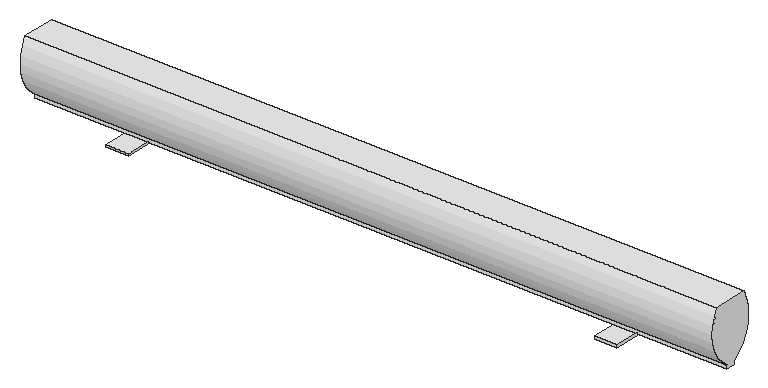
Revit family "Lighting-Linear-Acclaim-Adapt-Linear-DMX", category Lighting Fixtures, host Face, Revit 2020
Family settings
  Host = Face
  Round Connector Dimension = Use Diameter
  Part Type = Normal
  Cut with Voids When Loaded = No
  Light Source = Yes
  Shared = No
  Room Calculation Point = No
Parameters
  Width = 1.97"
  Wattage = 9.2903 W
  built-in parameter 1150110 = 1 (stored number, unit not read)
  Voltage = 0 V
  URL = "http://www.acclaimlighting.com/"
  built-in parameter 1114217 = 1 (stored number, unit not read)
  Tilt Angle = -90.00°
  built-in parameter 1150109 = 1 (stored number, unit not read)
  built-in parameter 1150134 = 3
  built-in parameter 1150113 = 1 (stored number, unit not read)
  Power Factor = 1
  Photometric Web File = "Load File"
  Number of Poles = 1
  built-in parameter 1150142 = (empty or 0)
  Model = "Adapt Linear DMX"
  Manufacturer = "Acclaim Lighting"
  built-in parameter 1150105 = 109.82 (stored number, unit not read)
  Lumens = 1380 lm
  built-in parameter 1150115 = 1 (stored number, unit not read)
  built-in parameter 1150137 = (empty or 0)
  built-in parameter 1150139 = (empty or 0)
  Length = 24.00"
  built-in parameter 1150112 = 1 (stored number, unit not read)
  built-in parameter 1150114 = 1 (stored number, unit not read)
  Lamp = "LED"
  built-in parameter 1150132 = (empty or 0)
  built-in parameter 1150102 = (empty or 0)
  built-in parameter 1150107 = 3200 (stored number, unit not read)
  built-in parameter 1150138 = (empty or 0)
  built-in parameter 1150106 = 1.0982 (stored number, unit not read)
  Housing Finish = Aluminum
  Height = 2.17"
  Emit from Line Length = Length  # 24.00"
  built-in parameter 1150104 = 13.8 (stored number, unit not read)
  Dimming Lamp Color Temperature Shift = <None>
  Description = "Linear LED"
  Default Elevation = 48.00"
  Color Filter = 16777215
  built-in parameter 1114218 = 1 (stored number, unit not read)
  built-in parameter 1150133 = 10 (stored number, unit not read)
  Apparent Load = 0 VA
Reference planes (in)
  plane 1 "Center (Front/Back)": y = 0
  plane 2: z = 0
  plane 3 "Center (Left/Right)": x = 0
  plane 4: x = -2.86874
  plane 5: x = -2.08749
  plane 6: x = 2.06876
  plane 7: x = 2.85001
  plane 8: z = 2.17
  plane 9: y = 0.985
  plane 10: y = -0.985
  plane 11: x = -12
  plane 12: x = 12
  plane 13: y = 0.78371
  plane 14: y = -0.78371
Forms (in)
  Extrusion 1, solid, material "Aluminum"
    sketch origin (0, 0, 0) x (1, 0, 0) y (0, 1, 0)
      loop
        line (-8.86874, 0.985) -> (-8.86874, -0.985) -> (-8.08749, -0.985) -> (-8.08749, 0.985) -> (-8.86874, 0.985)
    from 0 to 0.07895
  Extrusion 2, solid, material "Aluminum"
    sketch origin (0, 0, 0) x (-1, 0, 0) y (0, -1, 0)
      loop
        line (-8.86874, -0.985) -> (-8.08749, -0.985) -> (-8.08749, 0.985) -> (-8.86874, 0.985) -> (-8.86874, -0.985)
    from 0 to 0.07895
  Extrusion 3, solid, material "Aluminum"
    sketch origin (0, 0, 0) x (0, 1, 0) y (0, 0, 1)
      loop
        arc (0.1542, 0.19431) -> (0.74932, 1.10029) -> (0.57415, 2.17) r 1.49202
        line (0.57415, 2.17) -> (-0.57415, 2.17)
        arc (-0.57415, 2.17) -> (-0.74925, 1.09997) -> (-0.15367, 0.19393) r 1.49202
        line (-0.15367, 0.19393) -> (-0.15367, 0.07895) -> (0.1542, 0.07895) -> (0.1542, 0.19431)
    from -12 to 12
Dimensions and locks (in)
  equal spacing: plane 9, plane 1 "Center (Front/Back)", plane 10
  "Width": plane 9 to plane 10
  equal spacing: plane 11, plane 3 "Center (Left/Right)", plane 12
  "Length": plane 11 to plane 12
  "Height": plane 8 to host face
  Extrusion 2 to Extrusion 2 to plane 12 = 0.78125" locked, 3.13126" locked
  plane 11 to Extrusion 1 to Extrusion 1 = 3.13126" locked, 0.78125" locked
  equal spacing: plane 13, plane 1 "Center (Front/Back)", plane 14
  plane 13 to plane 14 = 1.56742"
  aligned and locked: plane 2 to host face
  aligned and locked: level to host face
  aligned and locked: plane 12 to Extrusion 3
  aligned and locked: Extrusion 3 to plane 11
Automatic sketch dimensions
  host sketch curve to host sketch curve = 96.00"  (x2)
  Extrusion 1 sketch curve to plane 4 = 6.00"
  Extrusion 1 sketch curve to plane 5 = 6.00"
  plane 10 to Extrusion 1 sketch curve = 0.00"
  plane 9 to Extrusion 1 sketch curve = 0.00"
  plane 10 to Extrusion 2 sketch curve = 0.00"
  plane 9 to Extrusion 2 sketch curve = 0.00"
  Extrusion 2 sketch curve to plane 7 = 6.01874"
  Extrusion 2 sketch curve to plane 6 = 6.01874"
  Extrusion 3 sketch curve to plane 8 = 0.00"
  Extrusion 3 sketch curve to plane 14 = 0.07361"
  Extrusion 3 sketch curve to plane 14 = 0.20956"
  plane 1 "Center (Front/Back)" to Extrusion 3 sketch curve = 0.15367"
  Extrusion 3 sketch curve to plane 1 "Center (Front/Back)" = 0.1542"
  plane 13 to Extrusion 3 sketch curve = 0.20956"
  plane 13 to Extrusion 3 sketch curve = 0.07361"
  level to Extrusion 3 sketch curve = 0.07895"
  Extrusion 3 sketch curve to Extrusion 3 sketch curve = 0.11536"
  Extrusion 3 sketch curve to Extrusion 3 sketch curve = 0.11498"
Connectors (in)
  electrical at (12, 0.00018, 0.81436), driven by "Number of Poles", driven by "Voltage", driven by "Apparent Load", driven by "Power Factor"
    settings: on Extrusion 3, index 1, voltage 0 V, apparent load 0 VA, apparent load phase1 0 VA, apparent load phase2 0 VA, apparent load phase3 0 VA, power factor 1, load classification "Other", number of poles 1, system type 31, power factor state 1, is connector primary yes, connector utility no, sub classification motor no, connector description ""
